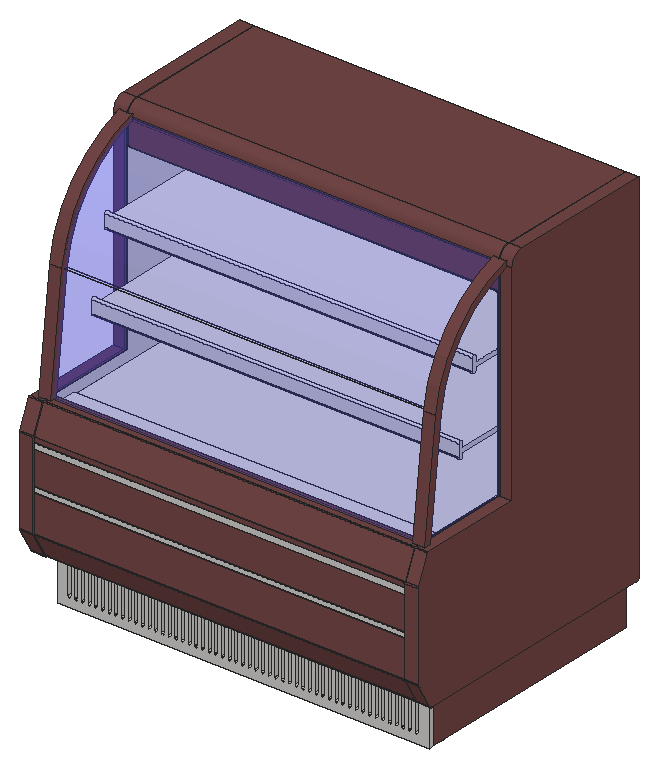
Revit family "QF_Turbo Air_TCGB-48-2", category Specialty Equipment, Revit 2014
Parameters
  Weight in Pounds = 525
  Watermarked By = ""
  Volts = 115 V
  Vent Material = QF_Stainless-Polished
  URL Cutsheet = ""
  URL = "www.turboairinc.com"
  Status [instance] = ""
  Specification by User [instance] = ""
  Specification by Manufacturer [instance] = ""
  Serial Number [instance] = ""
  Revision Code [instance] = ""
  Phase = 1
  Number of Poles [instance] = 1
  NAFEM Spec ID Number [instance] = ""
  Model = "TCGB-48-2"
  Masterspec [instance] = ""
  Manufacturer = "Turbo Air"  # constant formula
  Item Number [instance] = "-"
  Installed By [instance] = ""
  HP = "1/3"
  Furnished By [instance] = ""
  Foodservice Equipment Identifier = yes
  FL Amps = 6.5 A
  Exterior Material = QF_Plastic-Red Wine
  Electrical Remarks [instance] = ""
  Electric Connection Type [instance] = ""
  Elec Conn RI Height [instance] = 0' - 0"
  Elec Conn Connection Height = 0' - 6"
  Description = "Bakery Case"
  Cycle = 60 Hz
  Conn Plug = "NEMA 5-15P"
  CSI MasterFormat = "11 41 13"
  Assembly Code = "E1090320"
  Apparent Power = if(Phase = 3, Volts * FL Amps * 1.73, Volts * FL Amps)  # 747.5 VA
Reference planes (in)
  plane 1 "Handle Back": y = 0
  plane 2: z = 0
  plane 3 "LEFT": x = -16.56573
  plane 4 "RIGHT": x = 31.93427
  plane 5 "FRONT": y = -34.25
  plane 6 "Bottom": z = 0.3125
  plane 7 "Inside Left": x = -14.94073
  plane 8 "Inside Right": x = 30.30927
  plane 9 "BACK": y = -0.75
  plane 10 "Panel Lower": z = 23.25
  plane 11 "Inside Bottom": z = 21.125
  plane 12 "Panel Bottom": z = 6.0625
  plane 13 "TOP": z = 50.125
  plane 14 "Bottom Front": y = -30
  plane 15 "Door Left": x = -13.62823
  plane 16 "Door Right": x = 28.99677
  plane 17 "Lower Shelf": z = 30.6875
  plane 18 "Upper Shelf": z = 39.1875
  plane 19 "Door Top": z = 46.5625
  plane 20 "Door Bottom": z = 22.3125
  plane 21 "CENTER LR": x = 7.68427
Forms (in)
  Extrusion 1, solid, material "QF_Plastic-Red Wine" <- "Exterior Material"
    sketch origin (-16.56573, 0, 0) x (0, 1, 0) y (0, 0, 1)
      loop
        arc (-1.125, 6.0625) -> (-0.85983, 6.17233) -> (-0.75, 6.4375) r 0.375
        line (-0.75, 6.4375) -> (-0.75, 50.125) -> (-18.5, 50.125)
        arc (-18.5, 50.125) -> (-19.56066, 49.68566) -> (-20, 48.625) r 1.5
        line (-20, 48.625) -> (-20, 23.25) -> (-32.77179, 23.25)
        arc (-32.77179, 23.25) -> (-32.8059, 23.23987) -> (-32.82896, 23.21277) r 0.0625
        line (-32.82896, 23.21277) -> (-34.21799, 20.07001)
        arc (-34.21799, 20.07001) -> (-34.24191, 19.99589) -> (-34.25, 19.91842) r 0.375
        line (-34.25, 19.91842) -> (-34.25, 9.41058)
        arc (-34.25, 9.41058) -> (-34.23722, 9.31352) -> (-34.19976, 9.22308) r 0.375
        line (-34.19976, 9.22308) -> (-32.48325, 6.25)
        arc (-32.48325, 6.25) -> (-32.34599, 6.11274) -> (-32.15849, 6.0625) r 0.375
        line (-32.15849, 6.0625) -> (-1.125, 6.0625)
    from 0 to 1.625
  Extrusion 2, solid, material "QF_Plastic-Red Wine" <- "Exterior Material"
    sketch origin (31.93427, 0, 0) x (0, 1, 0) y (0, 0, 1)
      loop
        arc (-1.125, 6.0625) -> (-0.85983, 6.17233) -> (-0.75, 6.4375) r 0.375
        line (-0.75, 6.4375) -> (-0.75, 50.125) -> (-18.5, 50.125)
        arc (-18.5, 50.125) -> (-19.56066, 49.68566) -> (-20, 48.625) r 1.5
        line (-20, 48.625) -> (-20, 23.25) -> (-32.77179, 23.25)
        arc (-32.77179, 23.25) -> (-32.8059, 23.23987) -> (-32.82896, 23.21277) r 0.0625
        line (-32.82896, 23.21277) -> (-34.21799, 20.07001)
        arc (-34.21799, 20.07001) -> (-34.24191, 19.99589) -> (-34.25, 19.91842) r 0.375
        line (-34.25, 19.91842) -> (-34.25, 9.41058)
        arc (-34.25, 9.41058) -> (-34.23722, 9.31352) -> (-34.19976, 9.22308) r 0.375
        line (-34.19976, 9.22308) -> (-32.48325, 6.25)
        arc (-32.48325, 6.25) -> (-32.34599, 6.11274) -> (-32.15849, 6.0625) r 0.375
        line (-32.15849, 6.0625) -> (-1.125, 6.0625)
    from 0 to -1.625
  Extrusion 3, solid, material "QF_Plastic-Red Wine" <- "Exterior Material"
    sketch origin (-14.94073, 0, 0) x (0, 1, 0) y (0, 0, 1)
      loop
        line (-31.625, 23.25) -> (-29.95691, 36.83548)
        arc (-29.95691, 36.83548) -> (-26.72363, 44.11107) -> (-20, 48.375) r 13.75
        line (-20, 48.375) -> (-20, 48.625)
        arc (-20, 48.625) -> (-19.97988, 48.86988) -> (-19.92004, 49.10819) r 1.5
        arc (-19.92004, 49.10819) -> (-27.15455, 44.66306) -> (-30.63919, 36.92003) r 14.4375
        line (-30.63919, 36.92003) -> (-32.31766, 23.25) -> (-31.625, 23.25)
    from -0.875 to 0.625
  Extrusion 4, solid, material "QF_Plastic-Red Wine" <- "Exterior Material"
    sketch origin (30.30927, 0, 0) x (0, 1, 0) y (0, 0, 1)
      loop
        line (-31.625, 23.25) -> (-29.95691, 36.83548)
        arc (-29.95691, 36.83548) -> (-26.72363, 44.11107) -> (-20, 48.375) r 13.75
        line (-20, 48.375) -> (-20, 48.625)
        arc (-20, 48.625) -> (-19.97988, 48.86988) -> (-19.92004, 49.10819) r 1.5
        arc (-19.92004, 49.10819) -> (-27.15455, 44.66306) -> (-30.63919, 36.92003) r 14.4375
        line (-30.63919, 36.92003) -> (-32.31766, 23.25) -> (-31.625, 23.25)
    from 0.875 to -0.625
  Extrusion 5, solid, material "QF_Glass-Cast-Clear"
    sketch origin (-14.94073, 0, 0) x (0, 1, 0) y (0, 0, 1)
      loop
        arc (-20, 48.375) -> (-26.72363, 44.11107) -> (-29.95691, 36.83548) r 13.75
        line (-29.95691, 36.83548) -> (-31.625, 23.25) -> (-20, 23.25) -> (-20, 48.375)
    from 0 to -0.25
  Extrusion 6, solid, material "QF_Glass-Cast-Clear"
    sketch origin (30.30927, 0, 0) x (0, 1, 0) y (0, 0, 1)
      loop
        arc (-20, 48.375) -> (-26.72363, 44.11107) -> (-29.95691, 36.83548) r 13.75
        line (-29.95691, 36.83548) -> (-31.625, 23.25) -> (-20, 23.25) -> (-20, 48.375)
    from 0 to 0.25
  Extrusion 7, solid, material "QF_Plastic-Red Wine" <- "Exterior Material"
    sketch origin (-14.94073, 0, 0) x (0, 1, 0) y (0, 0, 1)
      loop
        line (-0.75, 50.125) -> (-18.5, 50.125)
        arc (-18.5, 50.125) -> (-19.56066, 49.68566) -> (-20, 48.625) r 1.5
        line (-20, 48.625) -> (-20, 45.5)
        arc (-20, 45.5) -> (-19.9375, 45.4375) -> (-19.875, 45.5) r 0.0625
        line (-19.875, 45.5) -> (-19.875, 48.625)
        arc (-19.875, 48.625) -> (-19.81819, 49.01616) -> (-19.65244, 49.375) r 1.375
        line (-19.65244, 49.375) -> (-3.125, 49.375) -> (-3.125, 46.5625) -> (-0.75, 46.5625) -> (-0.75, 50.125)
      loop
        line (-0.75, 14.3125) -> (-0.75, 22.3125) -> (-3.125, 22.3125) -> (-3.125, 14.3125) -> (-0.75, 14.3125)
    from 0 to 45.25
  Extrusion 8, solid, material "QF_Plastic-Red Wine" <- "Exterior Material"
    sketch origin (0, 0, 0.3125) x (0, 1, 0) y (-1, 0, 0)
      loop
        line (-0.75, 14.94073) -> (-30, 14.94073) -> (-30, -30.30927) -> (-0.75, -30.30927) -> (-0.75, 14.94073)
      loop
        line (-29.75, 14.69073) -> (-29.75, -30.05927) -> (-1, -30.05927) -> (-1, 14.69073) -> (-29.75, 14.69073)
    from 0 to 14
  Extrusion 9, solid, material "QF_Plastic-Red Wine" <- "Exterior Material"
    sketch origin (0, 0, 0.3125) x (0, 1, 0) y (-1, 0, 0)
      loop
        line (-29.75, -30.05927) -> (-1, -30.05927) -> (-1, 14.69073) -> (-29.75, 14.69073) -> (-29.75, -30.05927)
    from 0 to 0.25
  Extrusion 10, solid, material "QF_Stainless-Polished" <- "Vent Material"
    sketch origin (0, -30, 0) x (1, 0, 0) y (0, 0, 1)
      loop
        line (-14.94073, 6.1875) -> (-14.94073, 0.3125) -> (30.30927, 0.3125) -> (30.30927, 6.1875) -> (-14.94073, 6.1875)
    from 0 to 0.5625
  Extrusion 11, void
    sketch origin (0, -30, 0) x (1, 0, 0) y (0, 0, 1)
      loop
        arc (-7.12823, 1.5625) -> (-6.94073, 1.375) -> (-6.75323, 1.5625) r 0.1875
        line (-6.75323, 1.5625) -> (-6.75323, 5.125)
        arc (-6.75323, 5.125) -> (-6.94073, 5.3125) -> (-7.12823, 5.125) r 0.1875
        line (-7.12823, 5.125) -> (-7.12823, 1.5625)
      loop
        arc (-6.31573, 1.5625) -> (-6.12823, 1.375) -> (-5.94073, 1.5625) r 0.1875
        line (-5.94073, 1.5625) -> (-5.94073, 5.125)
        arc (-5.94073, 5.125) -> (-6.12823, 5.3125) -> (-6.31573, 5.125) r 0.1875
        line (-6.31573, 5.125) -> (-6.31573, 1.5625)
      loop
        arc (-5.50323, 1.5625) -> (-5.31573, 1.375) -> (-5.12823, 1.5625) r 0.1875
        line (-5.12823, 1.5625) -> (-5.12823, 5.125)
        arc (-5.12823, 5.125) -> (-5.31573, 5.3125) -> (-5.50323, 5.125) r 0.1875
        line (-5.50323, 5.125) -> (-5.50323, 1.5625)
      loop
        arc (-4.69073, 1.5625) -> (-4.50323, 1.375) -> (-4.31573, 1.5625) r 0.1875
        line (-4.31573, 1.5625) -> (-4.31573, 5.125)
        arc (-4.31573, 5.125) -> (-4.50323, 5.3125) -> (-4.69073, 5.125) r 0.1875
        line (-4.69073, 5.125) -> (-4.69073, 1.5625)
      loop
        arc (-3.87823, 1.5625) -> (-3.69073, 1.375) -> (-3.50323, 1.5625) r 0.1875
        line (-3.50323, 1.5625) -> (-3.50323, 5.125)
        arc (-3.50323, 5.125) -> (-3.69073, 5.3125) -> (-3.87823, 5.125) r 0.1875
        line (-3.87823, 5.125) -> (-3.87823, 1.5625)
      loop
        arc (-3.06573, 1.5625) -> (-2.87823, 1.375) -> (-2.69073, 1.5625) r 0.1875
        line (-2.69073, 1.5625) -> (-2.69073, 5.125)
        arc (-2.69073, 5.125) -> (-2.87823, 5.3125) -> (-3.06573, 5.125) r 0.1875
        line (-3.06573, 5.125) -> (-3.06573, 1.5625)
      loop
        arc (-2.25323, 1.5625) -> (-2.06573, 1.375) -> (-1.87823, 1.5625) r 0.1875
        line (-1.87823, 1.5625) -> (-1.87823, 5.125)
        arc (-1.87823, 5.125) -> (-2.06573, 5.3125) -> (-2.25323, 5.125) r 0.1875
        line (-2.25323, 5.125) -> (-2.25323, 1.5625)
      loop
        arc (-1.44073, 1.5625) -> (-1.25323, 1.375) -> (-1.06573, 1.5625) r 0.1875
        line (-1.06573, 1.5625) -> (-1.06573, 5.125)
        arc (-1.06573, 5.125) -> (-1.25323, 5.3125) -> (-1.44073, 5.125) r 0.1875
        line (-1.44073, 5.125) -> (-1.44073, 1.5625)
      loop
        arc (-0.62823, 1.5625) -> (-0.44073, 1.375) -> (-0.25323, 1.5625) r 0.1875
        line (-0.25323, 1.5625) -> (-0.25323, 5.125)
        arc (-0.25323, 5.125) -> (-0.44073, 5.3125) -> (-0.62823, 5.125) r 0.1875
        line (-0.62823, 5.125) -> (-0.62823, 1.5625)
      loop
        arc (0.18427, 1.5625) -> (0.37177, 1.375) -> (0.55927, 1.5625) r 0.1875
        line (0.55927, 1.5625) -> (0.55927, 5.125)
        arc (0.55927, 5.125) -> (0.37177, 5.3125) -> (0.18427, 5.125) r 0.1875
        line (0.18427, 5.125) -> (0.18427, 1.5625)
      loop
        arc (0.99677, 1.5625) -> (1.18427, 1.375) -> (1.37177, 1.5625) r 0.1875
        line (1.37177, 1.5625) -> (1.37177, 5.125)
        arc (1.37177, 5.125) -> (1.18427, 5.3125) -> (0.99677, 5.125) r 0.1875
        line (0.99677, 5.125) -> (0.99677, 1.5625)
      loop
        arc (1.80927, 1.5625) -> (1.99677, 1.375) -> (2.18427, 1.5625) r 0.1875
        line (2.18427, 1.5625) -> (2.18427, 5.125)
        arc (2.18427, 5.125) -> (1.99677, 5.3125) -> (1.80927, 5.125) r 0.1875
        line (1.80927, 5.125) -> (1.80927, 1.5625)
      loop
        arc (2.62177, 1.5625) -> (2.80927, 1.375) -> (2.99677, 1.5625) r 0.1875
        line (2.99677, 1.5625) -> (2.99677, 5.125)
        arc (2.99677, 5.125) -> (2.80927, 5.3125) -> (2.62177, 5.125) r 0.1875
        line (2.62177, 5.125) -> (2.62177, 1.5625)
      loop
        arc (3.43427, 1.5625) -> (3.62177, 1.375) -> (3.80927, 1.5625) r 0.1875
        line (3.80927, 1.5625) -> (3.80927, 5.125)
        arc (3.80927, 5.125) -> (3.62177, 5.3125) -> (3.43427, 5.125) r 0.1875
        line (3.43427, 5.125) -> (3.43427, 1.5625)
      loop
        arc (4.24677, 1.5625) -> (4.43427, 1.375) -> (4.62177, 1.5625) r 0.1875
        line (4.62177, 1.5625) -> (4.62177, 5.125)
        arc (4.62177, 5.125) -> (4.43427, 5.3125) -> (4.24677, 5.125) r 0.1875
        line (4.24677, 5.125) -> (4.24677, 1.5625)
      loop
        arc (5.05927, 1.5625) -> (5.24677, 1.375) -> (5.43427, 1.5625) r 0.1875
        line (5.43427, 1.5625) -> (5.43427, 5.125)
        arc (5.43427, 5.125) -> (5.24677, 5.3125) -> (5.05927, 5.125) r 0.1875
        line (5.05927, 5.125) -> (5.05927, 1.5625)
      loop
        arc (5.87177, 1.5625) -> (6.05927, 1.375) -> (6.24677, 1.5625) r 0.1875
        line (6.24677, 1.5625) -> (6.24677, 5.125)
        arc (6.24677, 5.125) -> (6.05927, 5.3125) -> (5.87177, 5.125) r 0.1875
        line (5.87177, 5.125) -> (5.87177, 1.5625)
      loop
        arc (6.68427, 1.5625) -> (6.87177, 1.375) -> (7.05927, 1.5625) r 0.1875
        line (7.05927, 1.5625) -> (7.05927, 5.125)
        arc (7.05927, 5.125) -> (6.87177, 5.3125) -> (6.68427, 5.125) r 0.1875
        line (6.68427, 5.125) -> (6.68427, 1.5625)
      loop
        arc (7.49677, 1.5625) -> (7.68427, 1.375) -> (7.87177, 1.5625) r 0.1875
        line (7.87177, 1.5625) -> (7.87177, 5.125)
        arc (7.87177, 5.125) -> (7.68427, 5.3125) -> (7.49677, 5.125) r 0.1875
        line (7.49677, 5.125) -> (7.49677, 1.5625)
      loop
        arc (-13.62823, 1.5625) -> (-13.44073, 1.375) -> (-13.25323, 1.5625) r 0.1875
        line (-13.25323, 1.5625) -> (-13.25323, 5.125)
        arc (-13.25323, 5.125) -> (-13.44073, 5.3125) -> (-13.62823, 5.125) r 0.1875
        line (-13.62823, 5.125) -> (-13.62823, 1.5625)
      loop
        arc (-12.81573, 1.5625) -> (-12.62823, 1.375) -> (-12.44073, 1.5625) r 0.1875
        line (-12.44073, 1.5625) -> (-12.44073, 5.125)
        arc (-12.44073, 5.125) -> (-12.62823, 5.3125) -> (-12.81573, 5.125) r 0.1875
        line (-12.81573, 5.125) -> (-12.81573, 1.5625)
      loop
        arc (-12.00323, 1.5625) -> (-11.81573, 1.375) -> (-11.62823, 1.5625) r 0.1875
        line (-11.62823, 1.5625) -> (-11.62823, 5.125)
        arc (-11.62823, 5.125) -> (-11.81573, 5.3125) -> (-12.00323, 5.125) r 0.1875
        line (-12.00323, 5.125) -> (-12.00323, 1.5625)
      loop
        arc (-11.19073, 1.5625) -> (-11.00323, 1.375) -> (-10.81573, 1.5625) r 0.1875
        line (-10.81573, 1.5625) -> (-10.81573, 5.125)
        arc (-10.81573, 5.125) -> (-11.00323, 5.3125) -> (-11.19073, 5.125) r 0.1875
        line (-11.19073, 5.125) -> (-11.19073, 1.5625)
      loop
        arc (-10.37823, 1.5625) -> (-10.19073, 1.375) -> (-10.00323, 1.5625) r 0.1875
        line (-10.00323, 1.5625) -> (-10.00323, 5.125)
        arc (-10.00323, 5.125) -> (-10.19073, 5.3125) -> (-10.37823, 5.125) r 0.1875
        line (-10.37823, 5.125) -> (-10.37823, 1.5625)
      loop
        arc (-9.56573, 1.5625) -> (-9.37823, 1.375) -> (-9.19073, 1.5625) r 0.1875
        line (-9.19073, 1.5625) -> (-9.19073, 5.125)
        arc (-9.19073, 5.125) -> (-9.37823, 5.3125) -> (-9.56573, 5.125) r 0.1875
        line (-9.56573, 5.125) -> (-9.56573, 1.5625)
      loop
        arc (-8.75323, 1.5625) -> (-8.56573, 1.375) -> (-8.37823, 1.5625) r 0.1875
        line (-8.37823, 1.5625) -> (-8.37823, 5.125)
        arc (-8.37823, 5.125) -> (-8.56573, 5.3125) -> (-8.75323, 5.125) r 0.1875
        line (-8.75323, 5.125) -> (-8.75323, 1.5625)
      loop
        arc (-7.94073, 1.5625) -> (-7.75323, 1.375) -> (-7.56573, 1.5625) r 0.1875
        line (-7.56573, 1.5625) -> (-7.56573, 5.125)
        arc (-7.56573, 5.125) -> (-7.75323, 5.3125) -> (-7.94073, 5.125) r 0.1875
        line (-7.94073, 5.125) -> (-7.94073, 1.5625)
      loop
        line (22.49677, 1.5625) -> (22.49677, 5.125)
        arc (22.49677, 5.125) -> (22.30927, 5.3125) -> (22.12177, 5.125) r 0.1875
        line (22.12177, 5.125) -> (22.12177, 1.5625)
        arc (22.12177, 1.5625) -> (22.30927, 1.375) -> (22.49677, 1.5625) r 0.1875
      loop
        line (21.68427, 1.5625) -> (21.68427, 5.125)
        arc (21.68427, 5.125) -> (21.49677, 5.3125) -> (21.30927, 5.125) r 0.1875
        line (21.30927, 5.125) -> (21.30927, 1.5625)
        arc (21.30927, 1.5625) -> (21.49677, 1.375) -> (21.68427, 1.5625) r 0.1875
      loop
        line (20.87177, 1.5625) -> (20.87177, 5.125)
        arc (20.87177, 5.125) -> (20.68427, 5.3125) -> (20.49677, 5.125) r 0.1875
        line (20.49677, 5.125) -> (20.49677, 1.5625)
        arc (20.49677, 1.5625) -> (20.68427, 1.375) -> (20.87177, 1.5625) r 0.1875
      loop
        line (20.05927, 1.5625) -> (20.05927, 5.125)
        arc (20.05927, 5.125) -> (19.87177, 5.3125) -> (19.68427, 5.125) r 0.1875
        line (19.68427, 5.125) -> (19.68427, 1.5625)
        arc (19.68427, 1.5625) -> (19.87177, 1.375) -> (20.05927, 1.5625) r 0.1875
      loop
        line (19.24677, 1.5625) -> (19.24677, 5.125)
        arc (19.24677, 5.125) -> (19.05927, 5.3125) -> (18.87177, 5.125) r 0.1875
        line (18.87177, 5.125) -> (18.87177, 1.5625)
        arc (18.87177, 1.5625) -> (19.05927, 1.375) -> (19.24677, 1.5625) r 0.1875
      loop
        line (18.43427, 1.5625) -> (18.43427, 5.125)
        arc (18.43427, 5.125) -> (18.24677, 5.3125) -> (18.05927, 5.125) r 0.1875
        line (18.05927, 5.125) -> (18.05927, 1.5625)
        arc (18.05927, 1.5625) -> (18.24677, 1.375) -> (18.43427, 1.5625) r 0.1875
      loop
        line (17.62177, 1.5625) -> (17.62177, 5.125)
        arc (17.62177, 5.125) -> (17.43427, 5.3125) -> (17.24677, 5.125) r 0.1875
        line (17.24677, 5.125) -> (17.24677, 1.5625)
        arc (17.24677, 1.5625) -> (17.43427, 1.375) -> (17.62177, 1.5625) r 0.1875
      loop
        line (16.80927, 1.5625) -> (16.80927, 5.125)
        arc (16.80927, 5.125) -> (16.62177, 5.3125) -> (16.43427, 5.125) r 0.1875
        line (16.43427, 5.125) -> (16.43427, 1.5625)
        arc (16.43427, 1.5625) -> (16.62177, 1.375) -> (16.80927, 1.5625) r 0.1875
      loop
        line (15.99677, 1.5625) -> (15.99677, 5.125)
        arc (15.99677, 5.125) -> (15.80927, 5.3125) -> (15.62177, 5.125) r 0.1875
        line (15.62177, 5.125) -> (15.62177, 1.5625)
        arc (15.62177, 1.5625) -> (15.80927, 1.375) -> (15.99677, 1.5625) r 0.1875
      loop
        line (15.18427, 1.5625) -> (15.18427, 5.125)
        arc (15.18427, 5.125) -> (14.99677, 5.3125) -> (14.80927, 5.125) r 0.1875
        line (14.80927, 5.125) -> (14.80927, 1.5625)
        arc (14.80927, 1.5625) -> (14.99677, 1.375) -> (15.18427, 1.5625) r 0.1875
      loop
        line (14.37177, 1.5625) -> (14.37177, 5.125)
        arc (14.37177, 5.125) -> (14.18427, 5.3125) -> (13.99677, 5.125) r 0.1875
        line (13.99677, 5.125) -> (13.99677, 1.5625)
        arc (13.99677, 1.5625) -> (14.18427, 1.375) -> (14.37177, 1.5625) r 0.1875
      loop
        line (13.55927, 1.5625) -> (13.55927, 5.125)
        arc (13.55927, 5.125) -> (13.37177, 5.3125) -> (13.18427, 5.125) r 0.1875
        line (13.18427, 5.125) -> (13.18427, 1.5625)
        arc (13.18427, 1.5625) -> (13.37177, 1.375) -> (13.55927, 1.5625) r 0.1875
      loop
        line (12.74677, 1.5625) -> (12.74677, 5.125)
        arc (12.74677, 5.125) -> (12.55927, 5.3125) -> (12.37177, 5.125) r 0.1875
        line (12.37177, 5.125) -> (12.37177, 1.5625)
        arc (12.37177, 1.5625) -> (12.55927, 1.375) -> (12.74677, 1.5625) r 0.1875
      loop
        line (11.93427, 1.5625) -> (11.93427, 5.125)
        arc (11.93427, 5.125) -> (11.74677, 5.3125) -> (11.55927, 5.125) r 0.1875
        line (11.55927, 5.125) -> (11.55927, 1.5625)
        arc (11.55927, 1.5625) -> (11.74677, 1.375) -> (11.93427, 1.5625) r 0.1875
      loop
        line (11.12177, 1.5625) -> (11.12177, 5.125)
        arc (11.12177, 5.125) -> (10.93427, 5.3125) -> (10.74677, 5.125) r 0.1875
        line (10.74677, 5.125) -> (10.74677, 1.5625)
        arc (10.74677, 1.5625) -> (10.93427, 1.375) -> (11.12177, 1.5625) r 0.1875
      loop
        line (10.30927, 1.5625) -> (10.30927, 5.125)
        arc (10.30927, 5.125) -> (10.12177, 5.3125) -> (9.93427, 5.125) r 0.1875
        line (9.93427, 5.125) -> (9.93427, 1.5625)
        arc (9.93427, 1.5625) -> (10.12177, 1.375) -> (10.30927, 1.5625) r 0.1875
      loop
        line (9.49677, 1.5625) -> (9.49677, 5.125)
        arc (9.49677, 5.125) -> (9.30927, 5.3125) -> (9.12177, 5.125) r 0.1875
        line (9.12177, 5.125) -> (9.12177, 1.5625)
        arc (9.12177, 1.5625) -> (9.30927, 1.375) -> (9.49677, 1.5625) r 0.1875
      loop
        line (8.68427, 1.5625) -> (8.68427, 5.125)
        arc (8.68427, 5.125) -> (8.49677, 5.3125) -> (8.30927, 5.125) r 0.1875
        line (8.30927, 5.125) -> (8.30927, 1.5625)
        arc (8.30927, 1.5625) -> (8.49677, 1.375) -> (8.68427, 1.5625) r 0.1875
      loop
        line (28.99677, 1.5625) -> (28.99677, 5.125)
        arc (28.99677, 5.125) -> (28.80927, 5.3125) -> (28.62177, 5.125) r 0.1875
        line (28.62177, 5.125) -> (28.62177, 1.5625)
        arc (28.62177, 1.5625) -> (28.80927, 1.375) -> (28.99677, 1.5625) r 0.1875
      loop
        line (28.18427, 1.5625) -> (28.18427, 5.125)
        arc (28.18427, 5.125) -> (27.99677, 5.3125) -> (27.80927, 5.125) r 0.1875
        line (27.80927, 5.125) -> (27.80927, 1.5625)
        arc (27.80927, 1.5625) -> (27.99677, 1.375) -> (28.18427, 1.5625) r 0.1875
      loop
        line (27.37177, 1.5625) -> (27.37177, 5.125)
        arc (27.37177, 5.125) -> (27.18427, 5.3125) -> (26.99677, 5.125) r 0.1875
        line (26.99677, 5.125) -> (26.99677, 1.5625)
        arc (26.99677, 1.5625) -> (27.18427, 1.375) -> (27.37177, 1.5625) r 0.1875
      loop
        line (26.55927, 1.5625) -> (26.55927, 5.125)
        arc (26.55927, 5.125) -> (26.37177, 5.3125) -> (26.18427, 5.125) r 0.1875
        line (26.18427, 5.125) -> (26.18427, 1.5625)
        arc (26.18427, 1.5625) -> (26.37177, 1.375) -> (26.55927, 1.5625) r 0.1875
      loop
        line (25.74677, 1.5625) -> (25.74677, 5.125)
        arc (25.74677, 5.125) -> (25.55927, 5.3125) -> (25.37177, 5.125) r 0.1875
        line (25.37177, 5.125) -> (25.37177, 1.5625)
        arc (25.37177, 1.5625) -> (25.55927, 1.375) -> (25.74677, 1.5625) r 0.1875
      loop
        line (24.93427, 1.5625) -> (24.93427, 5.125)
        arc (24.93427, 5.125) -> (24.74677, 5.3125) -> (24.55927, 5.125) r 0.1875
        line (24.55927, 5.125) -> (24.55927, 1.5625)
        arc (24.55927, 1.5625) -> (24.74677, 1.375) -> (24.93427, 1.5625) r 0.1875
      loop
        line (24.12177, 1.5625) -> (24.12177, 5.125)
        arc (24.12177, 5.125) -> (23.93427, 5.3125) -> (23.74677, 5.125) r 0.1875
        line (23.74677, 5.125) -> (23.74677, 1.5625)
        arc (23.74677, 1.5625) -> (23.93427, 1.375) -> (24.12177, 1.5625) r 0.1875
      loop
        line (23.30927, 1.5625) -> (23.30927, 5.125)
        arc (23.30927, 5.125) -> (23.12177, 5.3125) -> (22.93427, 5.125) r 0.1875
        line (22.93427, 5.125) -> (22.93427, 1.5625)
        arc (22.93427, 1.5625) -> (23.12177, 1.375) -> (23.30927, 1.5625) r 0.1875
    from -0.25 to 0.5625
  Extrusion 12, solid, material "QF_Plastic-Red Wine" <- "Exterior Material"
    sketch origin (-14.94073, 0, 0) x (0, 1, 0) y (0, 0, 1)
      loop
        line (-0.75, 46.5625) -> (-3.125, 46.5625) -> (-3.125, 22.3125) -> (-0.75, 22.3125) -> (-0.75, 46.5625)
    from 0 to 1.3125
  Extrusion 13, solid, material "QF_Plastic-Red Wine" <- "Exterior Material"
    sketch origin (30.30927, 0, 0) x (0, 1, 0) y (0, 0, 1)
      loop
        line (-0.75, 46.5625) -> (-3.125, 46.5625) -> (-3.125, 22.3125) -> (-0.75, 22.3125) -> (-0.75, 46.5625)
    from 0 to -1.3125
  Extrusion 14, solid, material "QF_Glass-Cast-Clear"
    sketch origin (-14.94073, 0, 0) x (0, 1, 0) y (0, 0, 1)
      loop
        arc (-30.01894, 36.84316) -> (-26.76529, 44.15845) -> (-20, 48.43986) r 13.8125
        line (-20, 48.43986) -> (-20, 48.625)
        arc (-20, 48.625) -> (-19.99639, 48.72898) -> (-19.98558, 48.83246) r 1.5
        arc (-19.98558, 48.83246) -> (-27.01031, 44.44827) -> (-30.39109, 36.88929) r 14.1875
        line (-30.39109, 36.88929) -> (-32.06579, 23.25) -> (-31.68797, 23.25) -> (-30.01894, 36.84316)
    from 0.625 to 44.625
  Extrusion 15, solid, material "QF_Plastic-Red Wine" <- "Exterior Material"
    sketch origin (-14.94073, 0, 0) x (0, 1, 0) y (0, 0, 1)
      loop
        line (-32.77708, 23.17553) -> (-34.17683, 20.00854)
        arc (-34.17683, 20.00854) -> (-34.1848, 19.98383) -> (-34.1875, 19.95801) r 0.125
        line (-34.1875, 19.95801) -> (-34.1875, 19.4219) -> (-33.8125, 19.4219) -> (-33.8125, 19.90522) -> (-32.49992, 22.875) -> (-31.20917, 22.875) -> (-31.20917, 23.25) -> (-32.66275, 23.25)
        arc (-32.66275, 23.25) -> (-32.73097, 23.22974) -> (-32.77708, 23.17553) r 0.125
      loop
        line (-34.17075, 9.29784) -> (-32.41108, 6.25)
        arc (-32.41108, 6.25) -> (-32.36533, 6.20425) -> (-32.30283, 6.1875) r 0.125
        line (-32.30283, 6.1875) -> (-30, 6.1875) -> (-30, 6.5625) -> (-32.15849, 6.5625) -> (-33.8125, 9.42732) -> (-33.8125, 13.8594) -> (-34.1875, 13.8594) -> (-34.1875, 9.36034)
        arc (-34.1875, 9.36034) -> (-34.18324, 9.32798) -> (-34.17075, 9.29784) r 0.125
      loop
        line (-34.1875, 18.6094) -> (-34.1875, 14.6094) -> (-33.8125, 14.6094) -> (-33.8125, 18.6094) -> (-34.1875, 18.6094)
    from 0 to 45.25
  Extrusion 16, solid, material "QF_Stainless-Polished"
    sketch origin (-14.94073, 0, 0) x (0, 1, 0) y (0, 0, 1)
      loop
        line (-34.1875, 19.3594) -> (-34.1875, 18.6719) -> (-33.8125, 18.6719) -> (-33.8125, 19.3594) -> (-34.1875, 19.3594)
      loop
        line (-34.1875, 14.5469) -> (-34.1875, 13.9219) -> (-33.8125, 13.9219) -> (-33.8125, 14.5469) -> (-34.1875, 14.5469)
    from 0 to 45.25
  Extrusion 17, solid, material "QF_Plastic-Opaque-White"
    sketch origin (-14.94073, 0, 0) x (0, 1, 0) y (0, 0, 1)
      loop
        line (-3.125, 21.125) -> (-28.125, 21.125) -> (-28.125, 22.25) -> (-31.20917, 22.25) -> (-31.20917, 22.875) -> (-32.49992, 22.875) -> (-33.8125, 19.90522) -> (-33.8125, 9.42732) -> (-32.15849, 6.5625) -> (-30, 6.5625) -> (-30, 14.3125) -> (-3.125, 14.3125) -> (-3.125, 21.125)
    from 0 to 45.25
  Extrusion 18, solid, material "QF_Plastic-Opaque-White"
    sketch origin (-14.94073, 0, 0) x (0, 1, 0) y (0, 0, 1)
      loop
        line (-3.125, 21.125) -> (-3.125, 49.375) -> (-5.875, 49.375) -> (-5.875, 21.125) -> (-3.125, 21.125)
    from 0 to 1.3125
  Extrusion 19, solid, material "QF_Plastic-Opaque-White"
    sketch origin (30.30927, 0, 0) x (0, 1, 0) y (0, 0, 1)
      loop
        line (-3.125, 21.125) -> (-3.125, 49.375) -> (-5.875, 49.375) -> (-5.875, 21.125) -> (-3.125, 21.125)
    from 0 to -1.3125
  Extrusion 20, solid, material "QF_Plastic-Opaque-White"
    sketch origin (-13.62823, 0, 0) x (0, 1, 0) y (0, 0, 1)
      loop
        line (-5.875, 49.375) -> (-5.875, 46.5625) -> (-3.125, 46.5625) -> (-3.125, 49.375) -> (-5.875, 49.375)
      loop
        line (-5.875, 21.125) -> (-3.125, 21.125) -> (-3.125, 22.3125) -> (-5.875, 22.3125) -> (-5.875, 21.125)
    from 0 to 42.625
  Extrusion 21, solid, material "QF_Plastic-Opaque-White"
    sketch origin (-14.94073, 0, 0) x (0, 1, 0) y (0, 0, 1)
      loop
        line (-5.875, 49.375) -> (-19.65244, 49.375)
        arc (-19.65244, 49.375) -> (-19.81819, 49.01616) -> (-19.875, 48.625) r 1.375
        line (-19.875, 48.625) -> (-19.875, 48.375) -> (-18.375, 48.375) -> (-18.375, 47.375) -> (-5.875, 47.375) -> (-5.875, 49.375)
    from 0 to 45.25
  Extrusion 22, solid, material "QF_Plastic-Opaque-White"
    sketch origin (-14.94073, 0, 0) x (0, 1, 0) y (0, 0, 1)
      loop
        line (-20, 45.5) -> (-20, 23.25) -> (-31.20917, 23.25) -> (-31.20917, 22.25) -> (-28.125, 22.25) -> (-28.125, 21.125) -> (-28.0625, 21.125) -> (-28.0625, 21.9375) -> (-7.5, 21.9375) -> (-7.5, 21.125) -> (-7.4375, 21.125) -> (-7.4375, 21.9375) -> (-5.9375, 21.9375) -> (-5.9375, 21.125) -> (-5.875, 21.125) -> (-5.875, 47.375) -> (-18.375, 47.375) -> (-18.375, 48.375) -> (-19.875, 48.375) -> (-19.875, 45.5)
        arc (-19.875, 45.5) -> (-19.9375, 45.4375) -> (-20, 45.5) r 0.0625
    from 0 to 0.0625
  Extrusion 23, solid, material "QF_Plastic-Opaque-White"
    sketch origin (30.30927, 0, 0) x (0, 1, 0) y (0, 0, 1)
      loop
        line (-20, 45.5) -> (-20, 23.25) -> (-31.20917, 23.25) -> (-31.20917, 22.25) -> (-28.125, 22.25) -> (-28.125, 21.125) -> (-28.0625, 21.125) -> (-28.0625, 21.9375) -> (-7.5, 21.9375) -> (-7.5, 21.125) -> (-7.4375, 21.125) -> (-7.4375, 21.9375) -> (-5.9375, 21.9375) -> (-5.9375, 21.125) -> (-5.875, 21.125) -> (-5.875, 47.375) -> (-18.375, 47.375) -> (-18.375, 48.375) -> (-19.875, 48.375) -> (-19.875, 45.5)
        arc (-19.875, 45.5) -> (-19.9375, 45.4375) -> (-20, 45.5) r 0.0625
    from 0 to -0.0625
  Extrusion 24, solid, material "QF_Plastic-Opaque-White"
    sketch origin (-14.94073, 0, 0) x (0, 1, 0) y (0, 0, 1)
      loop
        line (-5.9375, 21.125) -> (-5.9375, 21.9375) -> (-7.4375, 21.9375) -> (-7.4375, 21.125) -> (-5.9375, 21.125)
      loop
        line (-7.5, 21.9375) -> (-28.0625, 21.9375) -> (-28.0625, 21.125) -> (-7.5, 21.125) -> (-7.5, 21.9375)
    from 0 to 45.25
  Extrusion 25, solid, material "QF_Plastic-Opaque-White"
    sketch origin (-14.94073, 0, 0) x (0, 1, 0) y (0, 0, 1)
      loop
        line (-5.875, 30.6875) -> (-25.25, 30.6875) -> (-25.25, 31.25)
        arc (-25.25, 31.25) -> (-25.4375, 31.4375) -> (-25.625, 31.25) r 0.1875
        line (-25.625, 31.25) -> (-25.625, 29.6875)
        arc (-25.625, 29.6875) -> (-25.4375, 29.5) -> (-25.25, 29.6875) r 0.1875
        line (-25.25, 29.6875) -> (-25.25, 30.0625) -> (-5.875, 30.0625) -> (-5.875, 30.6875)
      loop
        line (-5.875, 39.1875) -> (-23.25, 39.1875) -> (-23.25, 39.75)
        arc (-23.25, 39.75) -> (-23.4375, 39.9375) -> (-23.625, 39.75) r 0.1875
        line (-23.625, 39.75) -> (-23.625, 38.1875)
        arc (-23.625, 38.1875) -> (-23.4375, 38) -> (-23.25, 38.1875) r 0.1875
        line (-23.25, 38.1875) -> (-23.25, 38.5625) -> (-5.875, 38.5625) -> (-5.875, 39.1875)
    from 0.25 to 45
  Extrusion 26, solid, material "QF_Plastic-Black-Fine Textured"
    sketch origin (0, -0.75, 0) x (1, 0, 0) y (0, 0, 1)
      loop
        line (-13.62823, 46.5625) -> (-13.62823, 22.3125) -> (8.18427, 22.3125) -> (8.18427, 46.5625) -> (-13.62823, 46.5625)
      loop
        line (7.18427, 45.5625) -> (-12.62823, 45.5625) -> (-12.62823, 23.3125) -> (7.18427, 23.3125) -> (7.18427, 45.5625)
    from 1.1875 to 2.375
  Extrusion 27, solid, material "QF_Glass-Cast-Clear"
    sketch origin (0, -0.75, 0) x (1, 0, 0) y (0, 0, 1)
      loop
        line (-12.62823, 45.5625) -> (-12.62823, 23.3125) -> (7.18427, 23.3125) -> (7.18427, 45.5625) -> (-12.62823, 45.5625)
    from 1.4375 to 2.125
  Extrusion 28, solid, material "QF_Plastic-Black-Fine Textured"
    sketch origin (0, -0.75, 0) x (1, 0, 0) y (0, 0, 1)
      loop
        line (7.18427, 46.5625) -> (7.18427, 22.3125) -> (28.99677, 22.3125) -> (28.99677, 46.5625) -> (7.18427, 46.5625)
      loop
        line (8.18427, 45.5625) -> (8.18427, 23.3125) -> (27.99677, 23.3125) -> (27.99677, 45.5625) -> (8.18427, 45.5625)
    from 0 to 1.1875
  Extrusion 29, solid, material "QF_Glass-Cast-Clear"
    sketch origin (0, -0.75, 0) x (1, 0, 0) y (0, 0, 1)
      loop
        line (8.18427, 45.5625) -> (8.18427, 23.3125) -> (27.99677, 23.3125) -> (27.99677, 45.5625) -> (8.18427, 45.5625)
    from 0.25 to 0.9375
  Extrusion 30, solid, material "QF_Plastic-Black-Fine Textured"
    sketch origin (28.99677, 0, 0) x (0, 1, 0) y (0, 0, 1)
      loop
        line (0, 29.0625) -> (0, 39.8125) -> (-0.75, 40.3125) -> (-0.75, 28.5625) -> (0, 29.0625)
    from -0.75 to -1
  Extrusion 31, solid, material "QF_Plastic-Black-Fine Textured"
    sketch origin (-13.62823, -1.1875, 0) x (0, 1, 0) y (0, 0, 1)
      loop
        line (0, 29.0625) -> (0, 39.8125) -> (-0.75, 40.3125) -> (-0.75, 28.5625) -> (0, 29.0625)
    from 0.75 to 1
  Extrusion 32, solid, material "QF_Plastic-Black-Fine Textured"
    sketch origin (0, 0, 0) x (1, 0, 0) y (0, 1, 0)
      loop
        circle (-14.00323, -2.625) r 0.5625
      loop
        circle (-14.00323, -28.0625) r 0.5625
      loop
        circle (29.37177, -2.625) r 0.5625
      loop
        circle (29.37177, -28.0625) r 0.5625
    from 0 to 0.3125
  Extrusion 33, solid, material "QF_Plastic-Red Wine" <- "Exterior Material"
    sketch origin (0, -0.75, 0) x (1, 0, 0) y (0, 0, 1)
      loop
        circle (7.68427, 6) r 0.25
    from 0 to -0.0625
Cuts and joins
  Extrusion 11 cuts Extrusion 8
  Extrusion 11 cuts Extrusion 10
Lines and regions (in)
  symbolic lines
    curve 1: line (-16.56573, -0.75, 0) -> (31.93427, -0.75, 0)
    curve 2: line (-16.56573, -34.25, 0) -> (-16.56573, -0.75, 0)
    curve 3: line (31.93427, -34.25, 0) -> (-16.56573, -34.25, 0)
    curve 4: line (31.93427, -0.75, 0) -> (31.93427, -34.25, 0)
    curve 5: line (-14.94073, -0.75, 0) -> (-14.94073, -19.92004, 0)
    curve 6: line (-15.81573, -19.92004, 0) -> (-14.31573, -19.92004, 0)
    curve 7: line (-15.81573, -19.92004, 0) -> (-15.81573, -32.31766, 0)
    curve 8: line (-14.31573, -32.31766, 0) -> (-14.31573, -19.92004, 0)
    curve 9: line (-15.81573, -20, 0) -> (-16.56573, -20, 0)
    curve 10: line (-15.81573, -32.31766, 0) -> (-14.31573, -32.31766, 0)
    curve 11: line (-14.94073, -32.31766, 0) -> (-14.94073, -34.25, 0)
    curve 12: line (29.68427, -19.92004, 0) -> (31.18427, -19.92004, 0)
    curve 13: line (29.68427, -19.92004, 0) -> (29.68427, -32.31766, 0)
    curve 14: line (31.18427, -32.31766, 0) -> (31.18427, -19.92004, 0)
    curve 15: line (29.68427, -32.31766, 0) -> (31.18427, -32.31766, 0)
    curve 16: line (30.30927, -32.31766, 0) -> (30.30927, -34.25, 0)
    curve 17: line (30.30927, -19.92004, 0) -> (30.30927, -0.75, 0)
    curve 18: line (27.99677, -0.75, 0) -> (27.99677, 0, 0)
    curve 19: line (27.99677, 0, 0) -> (28.24677, 0, 0)
    curve 20: line (28.24677, 0, 0) -> (28.24677, -0.75, 0)
    curve 21: line (31.18427, -20, 0) -> (31.93427, -20, 0)
    curve 22: line (29.68427, -20, 0) -> (-14.31573, -20, 0)
    curve 23: line (-14.31573, -30.39109, 0) -> (29.68427, -30.39109, 0)
    curve 24: line (29.68427, -32.06579, 0) -> (-14.31573, -32.06579, 0)
Dimensions and locks (in)
  locked: plane 3 "LEFT" to plane 4 "RIGHT" at 48.5
  locked: plane 5 "FRONT" to plane 1 "Handle Back" at 34.25
  locked: plane 6 "Bottom" to plane 2 at 0.3125
  locked: plane 3 "LEFT" to plane 7 "Inside Left" at 1.625
  locked: plane 8 "Inside Right" to plane 4 "RIGHT" at 1.625
  locked: plane 9 "BACK" to plane 1 "Handle Back" at 0.75
  locked: plane 10 "Panel Lower" to level at 23.25
  locked: plane 10 "Panel Lower" to plane 11 "Inside Bottom" at 2.125
  locked: plane 12 "Panel Bottom" to plane 6 "Bottom" at 5.75
  locked: plane 13 "TOP" to level at 50.125
  locked: plane 5 "FRONT" to plane 14 "Bottom Front" at 4.25
  locked: plane 7 "Inside Left" to Extrusion 8 sketch curve at 0.25
  locked: Extrusion 8 sketch curve to plane 8 "Inside Right" at 0.25
  locked: Extrusion 8 sketch curve to plane 14 "Bottom Front" at 0.25
  locked: Extrusion 8 sketch curve to plane 9 "BACK" at 0.25
  locked: plane 7 "Inside Left" to plane 15 "Door Left" at 1.3125
  locked: plane 16 "Door Right" to plane 8 "Inside Right" at 1.3125
  locked: Extrusion 10 sketch curve to plane 12 "Panel Bottom" at 0.125
  locked: plane 17 "Lower Shelf" to plane 11 "Inside Bottom" at 9.5625
  locked: plane 18 "Upper Shelf" to plane 17 "Lower Shelf" at 8.5
  locked: plane 8 "Inside Right" to Extrusion 25 at 0.25
  locked: plane 13 "TOP" to plane 19 "Door Top" at 3.5625
  locked: plane 19 "Door Top" to plane 20 "Door Bottom" at 24.25
  equal spacing: plane 3 "LEFT", plane 21 "CENTER LR", plane 4 "RIGHT"
  locked: Extrusion 26 sketch curve to plane 15 "Door Left" at 1
  locked: plane 19 "Door Top" to Extrusion 26 sketch curve at 1
  Extrusion 26 sketch curve to plane 21 "CENTER LR" to Extrusion 26 sketch curve = 0' - 0 1/2" locked, 0' - 0 1/2" locked
  locked: Extrusion 26 sketch curve to plane 20 "Door Bottom" at 1
  Extrusion 28 sketch curve to plane 21 "CENTER LR" to Extrusion 28 sketch curve = 0' - 0 1/2" locked, 0' - 0 1/2" locked
  locked: plane 19 "Door Top" to Extrusion 28 sketch curve at 1
  locked: Extrusion 28 sketch curve to plane 20 "Door Bottom" at 1
  locked: Extrusion 28 sketch curve to plane 16 "Door Right" at 1
  locked: plane 7 "Inside Left" to Extrusion 32 sketch curve at 0.9375  (x2)
  locked: Extrusion 32 sketch curve to plane 9 "BACK" at 1.875  (x2)
  locked: plane 14 "Bottom Front" to Extrusion 32 sketch curve at 1.9375  (x2)
  locked: Extrusion 32 sketch curve to plane 8 "Inside Right" at 0.9375  (x2)
  locked: Extrusion 33 sketch curve to level at 6
  equal spacing: plane 8 "Inside Right", Extrusion 33 sketch curve, plane 7 "Inside Left"
  aligned and locked: level to plane 2
  aligned and locked: plane 7 "Inside Left" to Extrusion 1
  aligned and locked: Extrusion 2 to plane 8 "Inside Right"
  aligned and locked: plane 8 "Inside Right" to Extrusion 7
  aligned and locked: plane 7 "Inside Left" to Extrusion 8 sketch curve
  aligned and locked: Extrusion 8 sketch curve to plane 8 "Inside Right"
  aligned and locked: plane 9 "BACK" to Extrusion 8 sketch curve
  aligned and locked: Extrusion 8 sketch curve to plane 14 "Bottom Front"
  aligned and locked: plane 7 "Inside Left" to Extrusion 10 sketch curve
  aligned and locked: plane 6 "Bottom" to Extrusion 10 sketch curve
  aligned and locked: plane 15 "Door Left" to Extrusion 12
  aligned and locked: Extrusion 13 to plane 16 "Door Right"
  aligned and locked: plane 8 "Inside Right" to Extrusion 15
  aligned and locked: plane 8 "Inside Right" to Extrusion 16
  aligned and locked: plane 8 "Inside Right" to Extrusion 17
  aligned and locked: plane 15 "Door Left" to Extrusion 18
  aligned and locked: Extrusion 19 to plane 16 "Door Right"
  aligned and locked: plane 16 "Door Right" to Extrusion 20
  aligned and locked: plane 8 "Inside Right" to Extrusion 21
  aligned and locked: plane 8 "Inside Right" to Extrusion 24
  aligned and locked: plane 15 "Door Left" to Extrusion 26 sketch curve
  aligned and locked: Extrusion 26 sketch curve to plane 19 "Door Top"
  aligned and locked: plane 20 "Door Bottom" to Extrusion 26 sketch curve
  aligned and locked: Extrusion 27 sketch curve to Extrusion 26  (x4)
  aligned and locked: Extrusion 28 sketch curve to plane 16 "Door Right"
  aligned and locked: Extrusion 28 sketch curve to plane 19 "Door Top"
  aligned and locked: plane 20 "Door Bottom" to Extrusion 28 sketch curve
  aligned and locked: Extrusion 29 sketch curve to Extrusion 28  (x4)
  aligned and locked: plane 3 "LEFT" to curve 2
  aligned and locked: plane 9 "BACK" to curve 1
  aligned and locked: curve 4 to plane 4 "RIGHT"
  aligned and locked: curve 3 to plane 5 "FRONT"
  aligned and locked: curve 5 to Extrusion 7
  aligned and locked: curve 6 to Extrusion 3
  aligned and locked: curve 7 to Extrusion 3
  aligned and locked: curve 8 to Extrusion 3
  aligned and locked: curve 10 to Extrusion 3
  aligned and locked: curve 12 to Extrusion 4
  aligned and locked: curve 13 to Extrusion 4
  aligned and locked: curve 14 to Extrusion 4
  aligned and locked: curve 15 to Extrusion 4
  aligned and locked: plane 8 "Inside Right" to cut or joined group of Extrusion 10, Extrusion 11
Automatic sketch dimensions
  Extrusion 1 sketch curve to plane 5 "FRONT" = 0' - 0"
  Extrusion 1 sketch curve to plane 10 "Panel Lower" = 0' - 0"
  Extrusion 1 sketch curve to plane 12 "Panel Bottom" = 0' - 0"
  Extrusion 1 sketch curve to plane 13 "TOP" = 0' - 0"
  Extrusion 1 sketch curve to plane 9 "BACK" = 0' - 0"
  Extrusion 1 sketch curve to plane 5 "FRONT" = 0' - 0.03201"
  Extrusion 1 sketch curve to plane 5 "FRONT" = 0' - 0.05024"
  Extrusion 1 sketch curve to Extrusion 1 sketch curve = 0' - 0.32476"  (x2)
  Extrusion 1 sketch curve to plane 5 "FRONT" = 0' - 0 3/8"
  Extrusion 1 sketch curve to plane 10 "Panel Lower" = 0' - 0.03723"
  Extrusion 1 sketch curve to plane 5 "FRONT" = 0' - 1.42104"
  Extrusion 1 sketch curve to Extrusion 1 sketch curve = 0' - 0.05717"
  plane 12 "Panel Bottom" to Extrusion 1 sketch curve = 0' - 0 3/16"
  Extrusion 1 sketch curve to plane 5 "FRONT" = 0' - 1.76675"
  Extrusion 1 sketch curve to plane 13 "TOP" = 0' - 1 1/2"
  Extrusion 1 sketch curve to plane 14 "Bottom Front" = 0' - 10"
  plane 9 "BACK" to Extrusion 1 sketch curve = 0' - 0 3/8"
  plane 12 "Panel Bottom" to Extrusion 1 sketch curve = 0' - 3.16058"
  Extrusion 1 sketch curve to plane 11 "Inside Bottom" = 0' - 1.20658"
  Extrusion 2 sketch curve to plane 5 "FRONT" = 0' - 0"
  Extrusion 2 sketch curve to plane 10 "Panel Lower" = 0' - 0"
  Extrusion 2 sketch curve to plane 12 "Panel Bottom" = 0' - 0"
  Extrusion 2 sketch curve to plane 13 "TOP" = 0' - 0"
  Extrusion 2 sketch curve to plane 9 "BACK" = 0' - 0"
  Extrusion 2 sketch curve to plane 5 "FRONT" = 0' - 0.03201"
  Extrusion 2 sketch curve to plane 5 "FRONT" = 0' - 0.05024"
  Extrusion 2 sketch curve to Extrusion 2 sketch curve = 0' - 0.32476"  (x2)
  Extrusion 2 sketch curve to plane 5 "FRONT" = 0' - 0 3/8"
  Extrusion 2 sketch curve to plane 10 "Panel Lower" = 0' - 0.03723"
  Extrusion 2 sketch curve to plane 5 "FRONT" = 0' - 1.42104"
  Extrusion 2 sketch curve to Extrusion 2 sketch curve = 0' - 0.05717"
  plane 12 "Panel Bottom" to Extrusion 2 sketch curve = 0' - 0 3/16"
  Extrusion 2 sketch curve to plane 5 "FRONT" = 0' - 1.76675"
  Extrusion 2 sketch curve to plane 13 "TOP" = 0' - 1 1/2"
  Extrusion 2 sketch curve to plane 14 "Bottom Front" = 0' - 10"
  plane 9 "BACK" to Extrusion 2 sketch curve = 0' - 0 3/8"
  plane 12 "Panel Bottom" to Extrusion 2 sketch curve = 0' - 3.16058"
  Extrusion 2 sketch curve to plane 11 "Inside Bottom" = 0' - 1.20658"
  Extrusion 3 sketch curve to Extrusion 3 sketch curve = 0' - 0"  (x2)
  Extrusion 3 sketch curve to plane 10 "Panel Lower" = 0' - 0"
  Extrusion 3 sketch curve to plane 5 "FRONT" = 0' - 1.93234"
  Extrusion 3 sketch curve to Extrusion 3 sketch curve = 0' - 0.69266"
  plane 14 "Bottom Front" to Extrusion 3 sketch curve = 0' - 0.63919"
  Extrusion 3 sketch curve to plane 14 "Bottom Front" = 0' - 0.04309"
  Extrusion 3 sketch curve to plane 13 "TOP" = 0' - 1 3/4"
  Extrusion 3 sketch curve to plane 14 "Bottom Front" = 0' - 10"
  Extrusion 3 sketch curve to Extrusion 3 sketch curve = 0' - 1 1/2"
  Extrusion 3 sketch curve to plane 18 "Upper Shelf" = 0' - 4.05903"
  Extrusion 3 sketch curve to Extrusion 3 sketch curve = 0' - 2.18672"
  Extrusion 3 sketch curve to Extrusion 3 sketch curve = 0' - 0.08456"
  Extrusion 3 sketch curve to Extrusion 3 sketch curve = 0' - 0 1/4"
  Extrusion 4 sketch curve to Extrusion 4 sketch curve = 0' - 0"  (x2)
  Extrusion 4 sketch curve to plane 10 "Panel Lower" = 0' - 0"
  Extrusion 4 sketch curve to plane 5 "FRONT" = 0' - 1.93234"
  Extrusion 4 sketch curve to Extrusion 4 sketch curve = 0' - 0.69266"
  plane 14 "Bottom Front" to Extrusion 4 sketch curve = 0' - 0.63919"
  Extrusion 4 sketch curve to plane 14 "Bottom Front" = 0' - 0.04309"
  Extrusion 4 sketch curve to plane 13 "TOP" = 0' - 1 3/4"
  Extrusion 4 sketch curve to plane 14 "Bottom Front" = 0' - 10"
  Extrusion 4 sketch curve to Extrusion 4 sketch curve = 0' - 1 1/2"
  Extrusion 4 sketch curve to plane 18 "Upper Shelf" = 0' - 4.05903"
  Extrusion 4 sketch curve to Extrusion 4 sketch curve = 0' - 2.18672"
  Extrusion 4 sketch curve to Extrusion 4 sketch curve = 0' - 0.08456"
  Extrusion 4 sketch curve to Extrusion 4 sketch curve = 0' - 0 1/4"
  Extrusion 5 sketch curve to plane 10 "Panel Lower" = 0' - 0"
  plane 14 "Bottom Front" to Extrusion 5 sketch curve = 0' - 1 5/8"
  Extrusion 5 sketch curve to plane 14 "Bottom Front" = 0' - 0.04309"
  Extrusion 5 sketch curve to plane 14 "Bottom Front" = 0' - 10"
  Extrusion 5 sketch curve to plane 18 "Upper Shelf" = 0' - 4.05903"
  Extrusion 5 sketch curve to Extrusion 5 sketch curve = 0' - 3.68672"
  Extrusion 5 sketch curve to plane 18 "Upper Shelf" = 0' - 2.35202"
  Extrusion 6 sketch curve to plane 10 "Panel Lower" = 0' - 0"
  plane 14 "Bottom Front" to Extrusion 6 sketch curve = 0' - 1 5/8"
  Extrusion 6 sketch curve to plane 14 "Bottom Front" = 0' - 0.04309"
  Extrusion 6 sketch curve to plane 14 "Bottom Front" = 0' - 10"
  Extrusion 6 sketch curve to plane 18 "Upper Shelf" = 0' - 4.05903"
  Extrusion 6 sketch curve to Extrusion 6 sketch curve = 0' - 3.68672"
  Extrusion 6 sketch curve to plane 18 "Upper Shelf" = 0' - 2.35202"
  Extrusion 7 sketch curve to Extrusion 7 sketch curve = 0' - 0"  (x2)
  Extrusion 7 sketch curve to plane 13 "TOP" = 0' - 0"
  Extrusion 7 sketch curve to plane 19 "Door Top" = 0' - 0"
  Extrusion 7 sketch curve to plane 20 "Door Bottom" = 0' - 0"
  Extrusion 7 sketch curve to plane 9 "BACK" = 0' - 0"  (x2)
  Extrusion 7 sketch curve to Extrusion 7 sketch curve = 0' - 2 3/8"
  Extrusion 7 sketch curve to plane 13 "TOP" = 0' - 0 3/4"
  plane 9 "BACK" to Extrusion 7 sketch curve = 0' - 2 3/8"
  Extrusion 7 sketch curve to plane 14 "Bottom Front" = 0' - 11 1/2"
  Extrusion 7 sketch curve to Extrusion 7 sketch curve = 0' - 1.15244"
  Extrusion 7 sketch curve to Extrusion 7 sketch curve = 0' - 0.22256"
  Extrusion 7 sketch curve to plane 11 "Inside Bottom" = 0' - 6 13/16"
  Extrusion 7 sketch curve to plane 19 "Door Top" = 0' - 1 1/16"
  Extrusion 9 sketch curve to plane 14 "Bottom Front" = 0' - 0 1/4"
  plane 9 "BACK" to Extrusion 9 sketch curve = 0' - 0 1/4"
  Extrusion 9 sketch curve to plane 8 "Inside Right" = 0' - 0 1/4"
  plane 7 "Inside Left" to Extrusion 9 sketch curve = 0' - 0 1/4"
  plane 8 "Inside Right" to Extrusion 10 sketch curve = 0' - 0"
  Extrusion 12 sketch curve to plane 19 "Door Top" = 0' - 0"
  Extrusion 12 sketch curve to plane 20 "Door Bottom" = 0' - 0"
  Extrusion 12 sketch curve to plane 9 "BACK" = 0' - 0"
  plane 9 "BACK" to Extrusion 12 sketch curve = 0' - 2 3/8"
  Extrusion 13 sketch curve to plane 19 "Door Top" = 0' - 0"
  Extrusion 13 sketch curve to plane 20 "Door Bottom" = 0' - 0"
  Extrusion 13 sketch curve to plane 9 "BACK" = 0' - 0"
  plane 9 "BACK" to Extrusion 13 sketch curve = 0' - 2 3/8"
  Extrusion 14 sketch curve to Extrusion 14 sketch curve = 0' - 0"  (x2)
  Extrusion 14 sketch curve to plane 10 "Panel Lower" = 0' - 0"
  plane 14 "Bottom Front" to Extrusion 14 sketch curve = 0' - 2.06579"
  Extrusion 14 sketch curve to Extrusion 14 sketch curve = 0' - 0.37782"
  plane 14 "Bottom Front" to Extrusion 14 sketch curve = 0' - 0.39109"
  plane 14 "Bottom Front" to Extrusion 14 sketch curve = 0' - 0.01894"
  Extrusion 14 sketch curve to plane 13 "TOP" = 0' - 1.68514"
  Extrusion 14 sketch curve to plane 14 "Bottom Front" = 0' - 10"
  Extrusion 14 sketch curve to Extrusion 14 sketch curve = 0' - 1 1/2"
  Extrusion 14 sketch curve to plane 18 "Upper Shelf" = 0' - 4.05903"
  Extrusion 14 sketch curve to Extrusion 14 sketch curve = 0' - 2.18672"
  Extrusion 14 sketch curve to Extrusion 14 sketch curve = 0' - 0.04612"
  Extrusion 14 sketch curve to Extrusion 14 sketch curve = 0' - 0.18514"
  Extrusion 15 sketch curve to plane 10 "Panel Lower" = 0' - 0"
  Extrusion 15 sketch curve to plane 14 "Bottom Front" = 0' - 0"
  Extrusion 15 sketch curve to plane 10 "Panel Lower" = 0' - 0 3/8"
  plane 14 "Bottom Front" to Extrusion 15 sketch curve = 0' - 1.20917"
  plane 12 "Panel Bottom" to Extrusion 15 sketch curve = 0' - 0 1/2"
  Extrusion 15 sketch curve to plane 5 "FRONT" = 0' - 2.09151"
  Extrusion 15 sketch curve to Extrusion 15 sketch curve = 0' - 0.14434"
  plane 12 "Panel Bottom" to Extrusion 15 sketch curve = 0' - 0 3/16"
  Extrusion 15 sketch curve to Extrusion 15 sketch curve = 0' - 0.10825"
  Extrusion 15 sketch curve to Extrusion 15 sketch curve = 0' - 1.29074"
  Extrusion 15 sketch curve to plane 10 "Panel Lower" = 0' - 0 1/8"
  Extrusion 15 sketch curve to Extrusion 15 sketch curve = 0' - 0.16283"
  Extrusion 15 sketch curve to plane 10 "Panel Lower" = 0' - 0.07447"
  Extrusion 15 sketch curve to plane 5 "FRONT" = 0' - 0 7/16"  (x3)
  Extrusion 15 sketch curve to plane 5 "FRONT" = 0' - 0 3/16"  (x2)
  Extrusion 15 sketch curve to plane 5 "FRONT" = 0' - 0.07925"
  Extrusion 15 sketch curve to plane 5 "FRONT" = 0' - 0.07317"
  Extrusion 15 sketch curve to plane 5 "FRONT" = 0' - 0 1/16"  (x3)
  plane 12 "Panel Bottom" to Extrusion 15 sketch curve = 0' - 0 1/8"
  plane 12 "Panel Bottom" to Extrusion 15 sketch curve = 0' - 3.23534"
  Extrusion 15 sketch curve to Extrusion 15 sketch curve = 0' - 0.06699"
  Extrusion 15 sketch curve to Extrusion 15 sketch curve = 0' - 4.43208"
  Extrusion 15 sketch curve to Extrusion 15 sketch curve = 0' - 0 3/4"
  Extrusion 15 sketch curve to plane 11 "Inside Bottom" = 0' - 2.5156"
  Extrusion 15 sketch curve to Extrusion 15 sketch curve = 0' - 0 13/16"
  Extrusion 15 sketch curve to Extrusion 15 sketch curve = 0' - 0.48332"
  Extrusion 15 sketch curve to Extrusion 15 sketch curve = 0' - 0.05278"
  Extrusion 16 sketch curve to plane 5 "FRONT" = 0' - 0 1/16"  (x2)
  Extrusion 16 sketch curve to Extrusion 16 sketch curve = 0' - 0 3/8"  (x2)
  Extrusion 16 sketch curve to plane 11 "Inside Bottom" = 0' - 7.2031"
  Extrusion 16 sketch curve to Extrusion 16 sketch curve = 0' - 0 5/8"
  Extrusion 16 sketch curve to plane 11 "Inside Bottom" = 0' - 2.4531"
  Extrusion 16 sketch curve to Extrusion 16 sketch curve = 0' - 0 11/16"
  Extrusion 17 sketch curve to plane 14 "Bottom Front" = 0' - 0"
  Extrusion 17 sketch curve to plane 11 "Inside Bottom" = 0' - 0"
  Extrusion 17 sketch curve to plane 20 "Door Bottom" = 0' - 0 1/16"
  plane 14 "Bottom Front" to Extrusion 17 sketch curve = 0' - 1.20917"
  plane 12 "Panel Bottom" to Extrusion 17 sketch curve = 0' - 0 1/2"
  Extrusion 17 sketch curve to plane 5 "FRONT" = 0' - 2.09151"
  Extrusion 17 sketch curve to plane 10 "Panel Lower" = 0' - 0 3/8"
  Extrusion 17 sketch curve to Extrusion 17 sketch curve = 0' - 1.29074"
  Extrusion 17 sketch curve to plane 5 "FRONT" = 0' - 0 7/16"
  Extrusion 17 sketch curve to plane 14 "Bottom Front" = 0' - 1 7/8"
  plane 9 "BACK" to Extrusion 17 sketch curve = 0' - 2 3/8"
  Extrusion 17 sketch curve to Extrusion 17 sketch curve = 0' - 2.86482"
  Extrusion 17 sketch curve to Extrusion 17 sketch curve = 0' - 4.88518"
  Extrusion 17 sketch curve to plane 11 "Inside Bottom" = 0' - 1.21978"
  Extrusion 18 sketch curve to plane 11 "Inside Bottom" = 0' - 0"
  plane 9 "BACK" to Extrusion 18 sketch curve = 0' - 5 1/8"
  Extrusion 18 sketch curve to plane 13 "TOP" = 0' - 0 3/4"
  plane 9 "BACK" to Extrusion 18 sketch curve = 0' - 2 3/8"
  Extrusion 19 sketch curve to plane 11 "Inside Bottom" = 0' - 0"
  plane 9 "BACK" to Extrusion 19 sketch curve = 0' - 5 1/8"
  Extrusion 19 sketch curve to plane 13 "TOP" = 0' - 0 3/4"
  plane 9 "BACK" to Extrusion 19 sketch curve = 0' - 2 3/8"
  Extrusion 20 sketch curve to plane 20 "Door Bottom" = 0' - 0"
  Extrusion 20 sketch curve to plane 19 "Door Top" = 0' - 0"
  Extrusion 20 sketch curve to plane 11 "Inside Bottom" = 0' - 0"
  Extrusion 20 sketch curve to plane 13 "TOP" = 0' - 0 3/4"
  plane 9 "BACK" to Extrusion 20 sketch curve = 0' - 5 1/8"  (x2)
  plane 9 "BACK" to Extrusion 20 sketch curve = 0' - 2 3/8"  (x2)
  Extrusion 21 sketch curve to plane 13 "TOP" = 0' - 1 3/4"
  Extrusion 21 sketch curve to plane 14 "Bottom Front" = 0' - 10 1/8"
  Extrusion 21 sketch curve to Extrusion 21 sketch curve = 0' - 0.22256"
  Extrusion 21 sketch curve to Extrusion 21 sketch curve = 0' - 1.15244"
  Extrusion 21 sketch curve to Extrusion 21 sketch curve = 0' - 0 1/8"
  plane 19 "Door Top" to Extrusion 21 sketch curve = 0' - 0 13/16"
  plane 9 "BACK" to Extrusion 21 sketch curve = 0' - 5 1/8"
  Extrusion 21 sketch curve to Extrusion 21 sketch curve = 0' - 0 1/4"
  Extrusion 22 sketch curve to plane 10 "Panel Lower" = 0' - 0"
  Extrusion 22 sketch curve to plane 11 "Inside Bottom" = 0' - 0"  (x3)
  Extrusion 22 sketch curve to plane 20 "Door Bottom" = 0' - 0 1/16"
  plane 14 "Bottom Front" to Extrusion 22 sketch curve = 0' - 1.20917"
  Extrusion 22 sketch curve to plane 14 "Bottom Front" = 0' - 1 7/8"
  Extrusion 22 sketch curve to Extrusion 22 sketch curve = 0' - 0 1/16"  (x3)
  Extrusion 22 sketch curve to Extrusion 22 sketch curve = 0' - 8 1/16"
  plane 19 "Door Top" to Extrusion 22 sketch curve = 0' - 0 13/16"
  Extrusion 22 sketch curve to Extrusion 22 sketch curve = 0' - 1 1/2"  (x2)
  Extrusion 22 sketch curve to plane 20 "Door Bottom" = 0' - 0 3/8"  (x2)
  plane 9 "BACK" to Extrusion 22 sketch curve = 0' - 6 3/4"
  plane 9 "BACK" to Extrusion 22 sketch curve = 0' - 5 1/8"
  Extrusion 22 sketch curve to plane 19 "Door Top" = 0' - 1 1/16"
  Extrusion 22 sketch curve to plane 13 "TOP" = 0' - 1 3/4"
  Extrusion 23 sketch curve to plane 10 "Panel Lower" = 0' - 0"
  Extrusion 23 sketch curve to plane 11 "Inside Bottom" = 0' - 0"  (x3)
  Extrusion 23 sketch curve to plane 20 "Door Bottom" = 0' - 0 1/16"
  plane 14 "Bottom Front" to Extrusion 23 sketch curve = 0' - 1.20917"
  Extrusion 23 sketch curve to plane 14 "Bottom Front" = 0' - 1 7/8"
  Extrusion 23 sketch curve to Extrusion 23 sketch curve = 0' - 0 1/16"  (x3)
  Extrusion 23 sketch curve to Extrusion 23 sketch curve = 0' - 8 1/16"
  plane 19 "Door Top" to Extrusion 23 sketch curve = 0' - 0 13/16"
  Extrusion 23 sketch curve to Extrusion 23 sketch curve = 0' - 1 1/2"  (x2)
  Extrusion 23 sketch curve to plane 20 "Door Bottom" = 0' - 0 3/8"  (x2)
  plane 9 "BACK" to Extrusion 23 sketch curve = 0' - 6 3/4"
